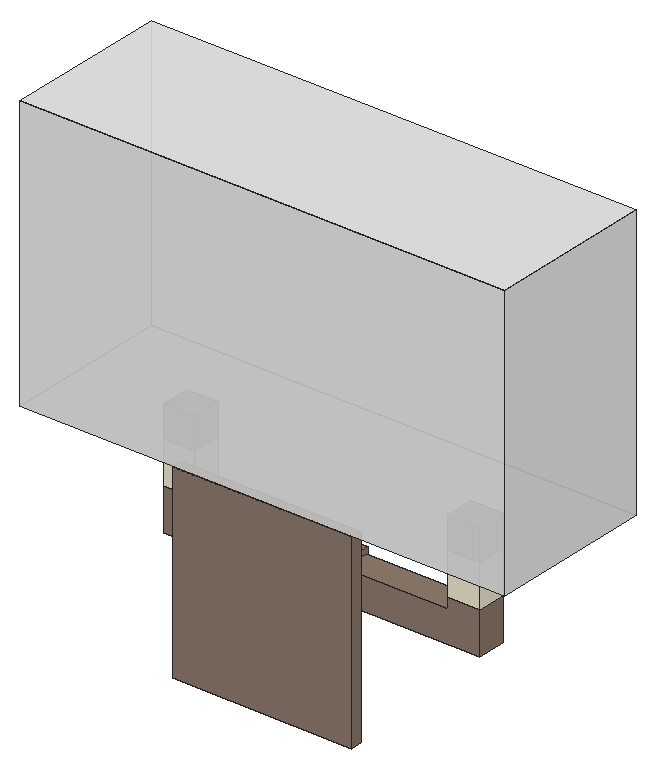
Revit family "3-514-xxxx -  Chameleon Wall Sconce", category Luminarias, Revit 2021
Family settings
  Anfitrión = Muro
  Cota de conector redondo = Diámetro de uso
  Tipo de pieza = Normal
  Número OmniClass = 23.80.70.00
  Título OmniClass = Lighting
  Siempre vertical = Sí
  Corte con vacíos al cargar = No
  Origen de luz = Sí
  Compartido = No
  Punto de cálculo de habitación = No
Parameters (values of type "3-594-22 / Oiled Bronze - Matte White Acrylic")
  Elevación por defecto = 0 mm
  Comentarios de vataje = "1 x 5.6 W at 120 V"  # constant formula
  Wattage = 5.6 W
  built-in parameter 1150110 = 1 (stored number, unit not read)
  Voltage Input = "120 V or 277 V - 50/60 Hz"  # constant formula
  Voltage = 120 V
  URL = "www.oxygenlighting.com"
  built-in parameter 1114217 = 1 (stored number, unit not read)
  Tilt Angle = 90.00°
  built-in parameter 1150109 = 1 (stored number, unit not read)
  built-in parameter 1150134 = (empty or 0)
  built-in parameter 1150113 = 1 (stored number, unit not read)
  References = "Ref. 3 = 120 V / Ref. 37 = 277 V"  # constant formula
  Archivo de red fotométrica = "Iota 3-554-xx.ies"
  Modelo = "3-594-xxxx / Chameleon Wall Sconce"  # constant formula
  Metal finish 2 = 24 - Satin Nickel
  Metal Finish = 22- Oiled Bronze
  Fabricante = "Oxygen Lighting and Fans"  # constant formula
  Lumens = 382.48 lm
  built-in parameter 1150115 = 1 (stored number, unit not read)
  built-in parameter 1150105 = 30.437 (stored number, unit not read)
  built-in parameter 1150137 = (empty or 0)
  built-in parameter 1150139 = (empty or 0)
  built-in parameter 1150112 = 1 (stored number, unit not read)
  built-in parameter 1150114 = 1 (stored number, unit not read)
  Lámpara = "LED Array"  # constant formula
  built-in parameter 1150132 = (empty or 0)
  built-in parameter 1150102 = (empty or 0)
  built-in parameter 1150138 = (empty or 0)
  built-in parameter 1150107 = 3000 (stored number, unit not read)
  built-in parameter 1150106 = 0.30437 (stored number, unit not read)
  built-in parameter 1150104 = 6.3453 (stored number, unit not read)
  Dimming Lamp Color Temperature Shift = (empty or 0)
  Diffusers = Matte White Acrylic
  Color Filter = 16777215
  built-in parameter 1114218 = 1 (stored number, unit not read)
  built-in parameter 1150133 = 10 (stored number, unit not read)
Types (4, lengths in mm): name | Metal finish 2 | Metal Finish
  3-594-22 / Oiled Bronze - Matte White Acrylic | 24 - Satin Nickel | 22- Oiled Bronze
  3-594-40 / Aged Brass - Matte White Acrylic | 24 - Satin Nickel | 40 - Aged Brass
  3-594-14 / Polished Chrome - Matte White Acrylic | 24 - Satin Nickel | 14 - Polished Chrome
  3-594-24 / Satin Nickel - Matte White Acrylic | 14 - Polished Chrome | 24 - Satin Nickel
Reference planes
  plane 1: y = 0
  plane 2 "Light Source Axis (L/R)": x = 125
  plane 3 "Light Source Axis (F/R)": y = 120
  plane 4 "Light Source Elevation": z = 780
  plane 5: y = 75
Text (mm)
  text "Placement side" at (-1787.139, 1116.779, 0), in view "Ref. Level"
  text "Placement side" at (0, 2110.396, 2986.058), in view "Left"
  text "Placement side" at (0, 628.478, 3011.967), in view "Right"
Dimensions and locks
  locked: plane 3 "Light Source Axis (F/R)" to plane 5 at 45
  aligned and locked: plane 1 to host wall
  aligned and locked: plane 4 "Light Source Elevation" to imposter light
  aligned and locked: plane 5 to host wall
  aligned and locked: imposter light to plane 3 "Light Source Axis (F/R)"
  aligned and locked: imposter light to plane 2 "Light Source Axis (L/R)"
  aligned and locked: nested 1 to plane 5
  aligned and locked: plane 4 "Light Source Elevation" to nested 1
Nested families
  nested 1: "Family1" at (125, 75, 714.756), type "Family1"
Definition of nested family "Family1"
  Parameters (values of type "Family1")
    Metal Finish 2 = none
    Metal Finish 1 = none
    Default Elevation = 0 mm
    Diffusers = none
  Reference planes
    plane 1 "Center (Front/Back)": y = 0
    plane 2: z = 0
    plane 3 "Center (Left/Right)": x = 0
  Forms (mm)
    Extrusion 1, solid, material <- "Metal Finish 1"
      sketch origin (0, 0, 0) x (1, 0, 0) y (0, 0, 1)
        loop
          line (-55.149, -51.542) -> (55.149, -51.542) -> (55.149, 65.244) -> (-55.149, 65.244) -> (-55.149, -51.542)
      from 0 to 6.604
    Extrusion 2, solid, material <- "Metal Finish 1"
      sketch origin (0, 0, 0) x (1, 0, 0) y (0, 0, 1)
        loop
          line (-12.974, 16.58) -> (-12.974, -9.371) -> (12.977, -9.371) -> (12.977, 16.58) -> (-12.974, 16.58)
      from 64.77 to 38.862
    Extrusion 3, solid, material <- "Metal Finish 1"
      sketch origin (0, 0, 0) x (1, 0, 0) y (0, 0, 1)
        loop
          line (-97.32, 65.244) -> (-97.32, 45.776) -> (-77.86, 45.776) -> (-77.86, 65.244) -> (-97.32, 65.244)
        loop
          line (77.856, 65.244) -> (77.856, 45.776) -> (97.321, 45.776) -> (97.321, 65.244) -> (77.856, 65.244)
        loop
          line (-97.32, 19.826) -> (-97.32, -6.126) -> (97.321, -6.126) -> (97.321, 19.826) -> (77.858, 19.826) -> (77.858, 13.336) -> (-77.86, 13.336) -> (-77.86, 19.826) -> (-97.32, 19.826)
      from 63.263 to 45.466
    Extrusion 4, solid, material <- "Metal Finish 2"
      sketch origin (0, 0, 0) x (1, 0, 0) y (0, 0, 1)
        loop
          line (-97.322, 45.776) -> (-97.322, 19.826) -> (-77.86, 19.826) -> (-77.86, 45.776) -> (-97.322, 45.776)
        loop
          line (77.858, 19.826) -> (97.321, 19.826) -> (97.321, 45.776) -> (77.858, 45.776) -> (77.858, 19.826)
      from 63.263 to 45.466
    Extrusion 5, solid, material <- "Diffusers"
      sketch origin (0, 0, 0) x (1, 0, 0) y (0, 0, 1)
        loop
          line (-149.226, 233.931) -> (-149.226, 65.244) -> (149.224, 65.244) -> (149.224, 233.931) -> (-149.226, 233.931)
      from 101.6 to 0
    Extrusion 6, solid, material <- "Metal Finish 1"
      sketch origin (0, 0, 0) x (1, 0, 0) y (0, 0, 1)
        loop
          line (-10.434, 14.04) -> (-10.434, -6.831) -> (10.437, -6.831) -> (10.437, 14.04) -> (-10.434, 14.04)
      from 38.862 to 6.604
  Dimensions and locks
    aligned and locked: level to plane 2
